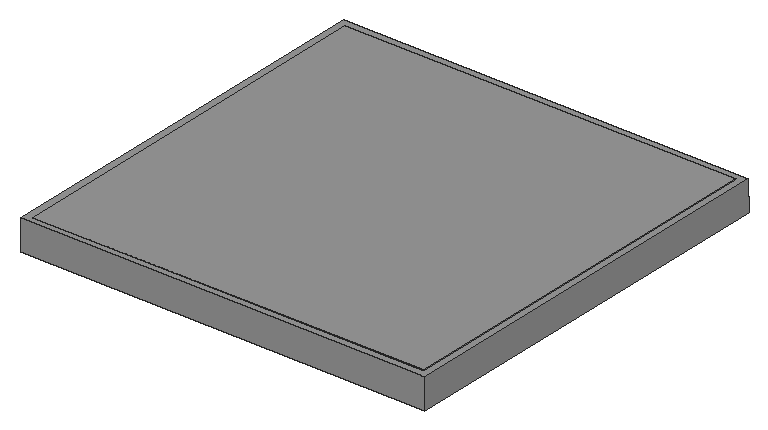
Revit family "ДВО-01 40 Вт 595", category Осветительные приборы, Revit 2019
Family settings
  Основа = Потолок
  Размер круглого соединителя = Использовать диаметр
  Тип детали = Нормальный
  Номер OmniClass = 23.80.70.11
  Заголовок OmniClass = Luminaries for Internal Lighting
  Всегда вертикально = Да
  При загрузке вырезать с полостями = Нет
  Источник света = Да
  Общий = Нет
  Точка расчета площади = Нет
Parameters (values of type "ДВО-01-П-40-5К-IP40-Армстронг")
  Эффективность светильника = "119"
  Частота сети = "50 / 60 Гц"
  Цвет корпуса = "Белый"
  Файл фотометрической сетки = "INNOLUX 14 778 DVO-01-P-40-5K-IP40.ies"
  Угол наклона = 90.00°
  Типоразмер светодиода = "2835"
  Тип рассеивателя = "призма"
  Тип кривой силы света по ГОСТ 54350-2011 = "Д"
  Степень защиты (IP) = "40"
  Срок службы = "80000"
  Способ монтажа = "Встраиваемый / Накладной"
  Сила тока = "0.18 А"
  Световой поток модуля = "1277"
  Пусковой ток = "26 А"
  Потребляемый ток = "0"
  Полная установленная мощность = 40 VA
  Объём упаковки = "0.22*0.61*0.61 м"
  Напряжение = "176-264 В"
  Wattage = 31.9775 W
  built-in parameter 1150110 = 1 (stored number, unit not read)
  built-in parameter 1114217 = 0.93 (stored number, unit not read)
  built-in parameter 1150109 = 1 (stored number, unit not read)
  built-in parameter 1150134 = 2
  built-in parameter 1150113 = 1 (stored number, unit not read)
  Lumens = 4750 lm
  built-in parameter 1150115 = 1 (stored number, unit not read)
  built-in parameter 1150105 = 377.99 (stored number, unit not read)
  built-in parameter 1150137 = (empty or 0)
  Материал рассеивателя = Полистирол
  Материал корпуса = Металл, окрашенный, белый, матовый
  Коэффициент пульсации = "<5%"
  built-in parameter 1150139 = (empty or 0)
  built-in parameter 1150112 = 1 (stored number, unit not read)
  built-in parameter 1150114 = 1 (stored number, unit not read)
  built-in parameter 1150132 = 2
  Коэффициент мощности = ">0.95\r\n>0.95\r\n>0.95"
  Количество модулей = "4"
  Количество в упаковке = "4"
  Кол-во светодиодов = "72"
  Климатическое исполнение = "УХЛ 4"
  Класс светораспределения по ГОСТ 54350-2011 = "П"
  Класс защиты от поражения током = "I"
  Категория по ограничению яркости = "3"
  built-in parameter 1150102 = (empty or 0)
  built-in parameter 1150138 = (empty or 0)
  built-in parameter 1150107 = 5000 (stored number, unit not read)
  built-in parameter 1150106 = 3.7799 (stored number, unit not read)
  built-in parameter 1150104 = 13.8 (stored number, unit not read)
  Dimming Lamp Color Temperature Shift = (empty or 0)
  Color Filter = 16777215
  built-in parameter 1114218 = 1 (stored number, unit not read)
  built-in parameter 1150133 = 10 (stored number, unit not read)
  Индекс цветопередачи = ">80"
  Изготовитель = "INNOLUX"
  Диммирование = "нет"
  Диапазон рабочих температур = "- 20 + 40°C"
  Гарантия = "7 лет"
  Габаритная яркость = ""
  Время импульса пускового тока = "200 мс"
  Вес светильника = "2.9 кг"
  Бренд светодиодов = "EDISON"
  Блок аварийного питания = "нет"
  Артикул = "14778"
  URL = "http://innolux.pro/katalog/administrativno-ofisnoe-osveshhenie/dvo-01-30-vt-595/14750.html"
  ADSK_Размер_Ширина = 595 mm
  ADSK_Размер_Длина = 595 mm
  ADSK_Размер_Высота = 45 mm
Types (12, lengths in mm): name | Эффективность светильника | Файл фотометрической сетки | Тип рассеивателя | Световой поток модуля | Пусковой ток | Wattage | built-in parameter 1114217 | built-in parameter 1150134 | Lumens | built-in parameter 1150105 | Категория по ограничению яркости | built-in parameter 1150107 | built-in parameter 1150106 | Габаритная яркость | Время импульса пускового тока | Артикул | URL
  ДВО-01-П-40-3К-IP40-Армстронг | "119" | "INNOLUX 14 772 DVO-01-P-40-3K-IP40.ies" | "призма" | "1277" | "26 А" | 31.9775 W | 0.93 (stored number, unit not read) | (empty or 0) | 4750 lm | 377.99 (stored number, unit not read) | "3" | 3000 (stored number, unit not read) | 3.7799 (stored number, unit not read) | "" | "200 мс" | "14772" | "http://innolux.pro/katalog/administrativno-ofisnoe-osveshhenie/dvo-01-30-vt-595/14742.html"
  ДВО-01-П-40-4К-IP40-Армстронг | "119" | "INNOLUX 14 772 DVO-01-P-40-3K-IP40.ies" | "призма" | "1277" | "26 А" | 31.9775 W | 0.93 (stored number, unit not read) | 12 | 4750 lm | 377.99 (stored number, unit not read) | "3" | 4000 (stored number, unit not read) | 3.7799 (stored number, unit not read) | "" | "200 мс" | "14775" | "http://innolux.pro/katalog/administrativno-ofisnoe-osveshhenie/dvo-01-30-vt-595/14746.html"
  ДВО-01-П-40-5К-IP40-Армстронг | "119" | "INNOLUX 14 778 DVO-01-P-40-5K-IP40.ies" | "призма" | "1277" | "26 А" | 31.9775 W | 0.93 (stored number, unit not read) | 2 | 4750 lm | 377.99 (stored number, unit not read) | "3" | 5000 (stored number, unit not read) | 3.7799 (stored number, unit not read) | "" | "200 мс" | "14778" | "http://innolux.pro/katalog/administrativno-ofisnoe-osveshhenie/dvo-01-30-vt-595/14750.html"
  ДВО-01-О-40-3К-IP40-Армстронг | "105" | "INNOLUX 14 781 DVO-01-O-40-3K-IP40.ies" | "опал" | "1406" | "26 А" | 28.2748 W | 0.8 (stored number, unit not read) | (empty or 0) | 4200 lm | 334.23 (stored number, unit not read) | "1" | 3000 (stored number, unit not read) | 3.3423 (stored number, unit not read) | "<5000 кд / м2" | "200 мс" | "14781" | "http://innolux.pro/katalog/administrativno-ofisnoe-osveshhenie/dvo-01-40-vt-595/14781.html"
  ДВО-01-О-40-4К-IP40-Армстронг | "105" | "INNOLUX 14 784 DVO-01-O-40-4K-IP40.ies" | "опал" | "1406" | "26 А" | 28.2748 W | 0.8 (stored number, unit not read) | 12 | 4200 lm | 334.23 (stored number, unit not read) | "1" | 4000 (stored number, unit not read) | 3.3423 (stored number, unit not read) | "<5000 кд / м2" | "200 мс" | "14784" | "http://innolux.pro/katalog/administrativno-ofisnoe-osveshhenie/dvo-01-40-vt-595/14784.html"
  ДВО-01-О-40-5К-IP40-Армстронг | "105" | "INNOLUX 14 787 DVO-01-O-40-5K-IP40.ies" | "опал" | "1406" | "26 А" | 28.2748 W | 0.8 (stored number, unit not read) | 2 | 4200 lm | 334.23 (stored number, unit not read) | "1" | 5000 (stored number, unit not read) | 3.3423 (stored number, unit not read) | "<5000 кд / м2" | "200 мс" | "14787" | "http://innolux.pro/katalog/administrativno-ofisnoe-osveshhenie/dvo-01-40-vt-595/14787.html"
  ДВО-01-К-40-3К-IP40-Армстронг | "125" | "INNOLUX 82 674 DVO-01-K-40-3K-IP40.ies" | "колотый лёд" | "1344" | "20.4 А" | 33.6605 W | 0.93 (stored number, unit not read) | (empty or 0) | 5000 lm | 397.89 (stored number, unit not read) | "1" | 3000 (stored number, unit not read) | 3.9789 (stored number, unit not read) | "<5000 кд / м2" | "2.8 мс" | "82674" | "http://innolux.pro/katalog/administrativno-ofisnoe-osveshhenie/dvo-01-40-vt-595/14781.html"
  ДВО-01-К-40-4К-IP40-Армстронг | "125" | "INNOLUX 82 677 DVO-01-K-40-4K-IP40.ies" | "колотый лёд" | "1344" | "20.4 А" | 33.6605 W | 0.93 (stored number, unit not read) | 12 | 5000 lm | 397.89 (stored number, unit not read) | "1" | 4000 (stored number, unit not read) | 3.9789 (stored number, unit not read) | "<5000 кд / м2" | "2.8 мс" | "82677" | "http://innolux.pro/katalog/administrativno-ofisnoe-osveshhenie/dvo-01-40-vt-595/14781.html"
  ДВО-01-К-40-5К-IP40-Армстронг | "125" | "INNOLUX 82 680 DVO-01-K-40-5K-IP40.ies" | "колотый лёд" | "1344" | "20.4 А" | 33.6605 W | 0.93 (stored number, unit not read) | 12 | 5000 lm | 397.89 (stored number, unit not read) | "1" | 4000 (stored number, unit not read) | 3.9789 (stored number, unit not read) | "<5000 кд / м2" | "2.8 мс" | "82680" | "http://innolux.pro/katalog/administrativno-ofisnoe-osveshhenie/dvo-01-40-vt-595/14781.html"
  ДВО-01-МП-40-3К-IP40-Армстронг | "118" | "INNOLUX 80 115 DVO-01-MP-40-3K-IP40.ies" | "микропризма" | "1263" | "20.4 А" | 31.6409 W | 0.93 (stored number, unit not read) | (empty or 0) | 4700 lm | 374.01 (stored number, unit not read) | "1" | 3000 (stored number, unit not read) | 3.7401 (stored number, unit not read) | "<5000 кд / м2" | "2.8 мс" | "80115" | "http://innolux.pro/katalog/administrativno-ofisnoe-osveshhenie/dvo-01-40-vt-595/14781.html"
  ДВО-01-МП-40-4К-IP40-Армстронг | "118" | "INNOLUX 80 118 DVO-01-MP-40-4K-IP40.ies" | "микропризма" | "1263" | "20.4 А" | 31.6409 W | 0.93 (stored number, unit not read) | 12 | 4700 lm | 374.01 (stored number, unit not read) | "1" | 4000 (stored number, unit not read) | 3.7401 (stored number, unit not read) | "<5000 кд / м2" | "2.8 мс" | "80118" | "http://innolux.pro/katalog/administrativno-ofisnoe-osveshhenie/dvo-01-40-vt-595/14781.html"
  ДВО-01-МП-40-5К-IP40-Армстронг | "118" | "INNOLUX 80 121 DVO-01-MP-40-5K-IP40.ies" | "микропризма" | "1263" | "20.4 А" | 31.6409 W | 0.93 (stored number, unit not read) | 2 | 4700 lm | 374.01 (stored number, unit not read) | "1" | 5000 (stored number, unit not read) | 3.7401 (stored number, unit not read) | "<5000 кд / м2" | "2.8 мс" | "80121" | "http://innolux.pro/katalog/administrativno-ofisnoe-osveshhenie/dvo-01-40-vt-595/14781.html"
Reference planes
  plane 1 "Ось источника света (В/Н)": y = 0
  plane 2: z = 0
  plane 3 "Ось источника света (Л/П)": x = 0
  plane 4 "Потолок": z = 4000
  plane 5 "Отметка источника света 1": z = 3955
  plane 6: x = -297.5
  plane 7: x = 297.5
  plane 8: y = 297.5
  plane 9: y = -297.5
Forms (mm)
  Extrusion 1, solid, material "Металл, окрашенный, белый, матовый" <- "Материал корпуса"
    sketch origin (0, 0, 3955) x (-1, 0, 0) y (0, -1, 0)
      loop
        line (297.5, -297.5) -> (297.5, 297.5) -> (-297.5, 297.5) -> (-297.5, -297.5) -> (297.5, -297.5)
    from 0 to 45
  Extrusion 2, void
    sketch origin (0, 0, 3955) x (-1, 0, 0) y (0, -1, 0)
      loop
        line (286.893, -286.893) -> (286.893, 286.893) -> (-286.893, 286.893) -> (-286.893, -286.893) -> (286.893, -286.893)
    from 0 to 27.018
  Extrusion 3, solid, material "Полистирол" <- "Материал рассеивателя"
    sketch origin (0, 0, 3955) x (-1, 0, 0) y (0, -1, 0)
      loop
        line (286.893, -286.893) -> (286.893, 286.893) -> (-286.893, 286.893) -> (-286.893, -286.893) -> (286.893, -286.893)
    from 9.146 to 45
Cuts and joins
  Extrusion 2 cuts Extrusion 1
Dimensions and locks
  equal spacing: host sketch curve, plane 3 "Ось источника света (Л/П)", host sketch curve
  equal spacing: host sketch curve, plane 1 "Ось источника света (В/Н)", host sketch curve
  host sketch curve to host sketch curve = 4000 mm  (x2)
  plane 4 "Потолок" to host ceiling = 0 mm
  equal spacing: plane 6, plane 3 "Ось источника света (Л/П)", plane 7
  equal spacing: plane 8, plane 1 "Ось источника света (В/Н)", plane 9
  "ADSK_Размер_Длина": plane 6 to plane 7
  "ADSK_Размер_Ширина": plane 8 to plane 9
  "ADSK_Размер_Высота": plane 5 "Отметка источника света 1" to plane 4 "Потолок"
  aligned and locked: plane 3 "Ось источника света (Л/П)" to imposter light
  aligned and locked: plane 1 "Ось источника света (В/Н)" to imposter light
  aligned and locked: plane 5 "Отметка источника света 1" to imposter light
  aligned and locked: plane 5 "Отметка источника света 1" to Extrusion 1
  aligned and locked: Extrusion 3 to cut or joined group of Extrusion 1, Extrusion 2
  aligned and locked: cut or joined group of Extrusion 1, Extrusion 2 to Extrusion 3  (x2)
  aligned and locked: host ceiling to Extrusion 3
  aligned and locked: host ceiling to Extrusion 1
  aligned and locked: Extrusion 1 to plane 6
  aligned and locked: plane 7 to Extrusion 1
  aligned and locked: Extrusion 1 to imposter light
  aligned and locked: Extrusion 1 to plane 4 "Потолок"
  aligned and locked: Extrusion 1 to Extrusion 3
  aligned and locked: Extrusion 3 to plane 4 "Потолок"
Automatic sketch dimensions
  Extrusion 1 sketch curve to plane 7 = 0 mm
  Extrusion 1 sketch curve to plane 6 = 0 mm
  Extrusion 1 sketch curve to plane 8 = 0 mm
  Extrusion 1 sketch curve to plane 9 = 0 mm
  Extrusion 2 sketch curve to plane 7 = 10.607 mm
  plane 6 to Extrusion 2 sketch curve = 10.607 mm
  Extrusion 2 sketch curve to plane 8 = 10.607 mm
  plane 9 to Extrusion 2 sketch curve = 10.607 mm
  Extrusion 3 sketch curve to plane 7 = 10.607 mm
  plane 6 to Extrusion 3 sketch curve = 10.607 mm
  Extrusion 3 sketch curve to plane 8 = 10.607 mm
  plane 9 to Extrusion 3 sketch curve = 10.607 mm
Connectors
  electrical at (0, 0, 4000)
    settings: on cut or joined group of Extrusion 1, Extrusion 2, index 1, voltage 0 V, apparent load 0 VA, apparent load phase1 0 VA, apparent load phase2 0 VA, apparent load phase3 0 VA, power factor 1, load classification "Прочее", number of poles 1, system type 31, power factor state 1, is connector primary yes, connector utility no, sub classification motor no, connector description ""
